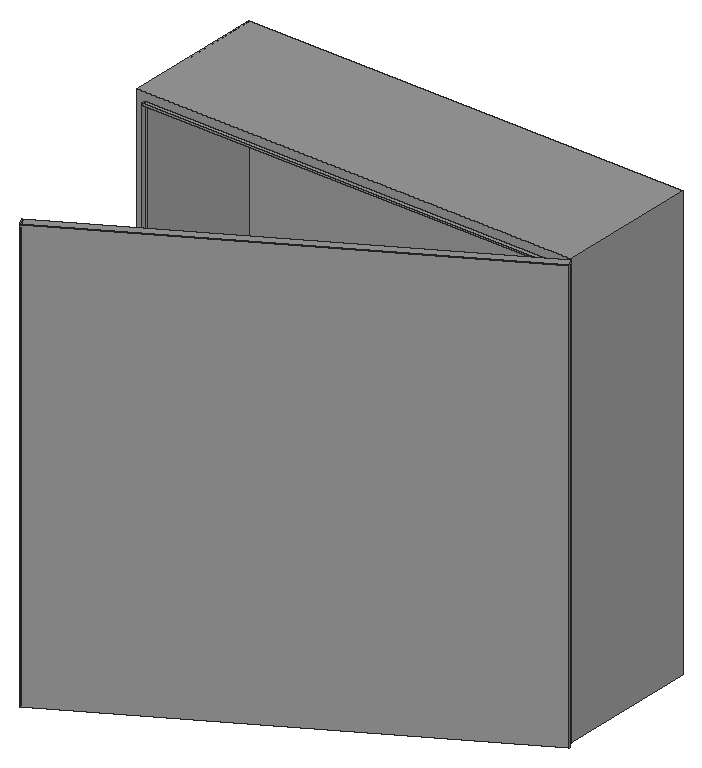
Revit family "Hager-Univers-IP55-D275-H800-Cl.II-Steel_encl-NoHosted-FR-fr", category Electrical Equipment, Revit 2020
Family settings
  Panel Configuration = Two Columns, Circuits Across
  Round Connector Dimension = Use Diameter
  Part Type = Panelboard
  Work Plane-Based = Yes
  Always vertical = Yes
  Cut with Voids When Loaded = No
  Shared = No
  Room Calculation Point = No
Parameters (values of type "saillie IP55 L800 H800 P275  - FR53S")
  Width Control [instance] = if([EF000008 - largeur] > Min Width, [EF000008 - largeur], Min Width)  # 800 mm
  Type Comments = [HG000003 - Gamme]  # "Univers"
  Thickness Door [instance] = if([EF009171 - épaisseur de matériau de la porte/du couvercle] > 3 mm, 3 mm, [EF009171 - épaisseur de matériau de la porte/du couvercle])  # 1.5 mm
  Seal Frame Offset [instance] = 17 mm  # constant formula
  Plinth Visibility [instance] = [HG000027 - Hauteur du socle] > 0 mm  # no
  Min Width [instance] = 100 mm  # constant formula
  Min Depth [instance] = (2 * [EF009170 - épaisseur de matériau du boîtier]) + 1 mm  # 4 mm
  Min Height [instance] = 100 mm  # constant formula
  Internal Frame Depth [instance] = (Door System Depth * 0.5)  # 9 mm
  Panel Name [instance] = ""  # (empty or 0)
  Model = ""
  HG000027 - Hauteur du socle = 0 mm
  HG000026 - Installation au sol = no
  HG000024 - Hauteur de la section basse = 600 mm
  HG000023 - Armoire double section = no
  HG000016 - Visibilité de la porte 3D [instance] = yes
  HG000015 - Visibilité de l'emprise de la porte [instance] = no
  HG000014 - Porte à droite [instance] = yes
  HG000013 - Porte à gauche [instance] = not([HG000014 - Porte à droite])  # no
  HG000012 - Angle de pivotement de la porte [instance] = 30.00°
  HG000010 - Portes asymétriques = no
  HG000009 - Porte à double battant = no
  HG000006 - Encastré = no
  HG000004 - Référence fabricant = "FR53S"
  HG000003 - Gamme = "Univers"
  HG000002 - avec porte = yes
  Frame Offset Bottom [instance] = 10 mm  # constant formula
  Frame Offset [instance] = 15 mm  # constant formula
  EF015940 - couvercle avec décharge de pression = no
  EF011959 - degré de protection (NEMA) = ""
  EF009554 - nombre d'ouvertures pour plaques à bride = 6
  EF009212 - finition du couvercle = "EV000116 - fermé"
  EF009171 - épaisseur de matériau de la porte/du couvercle = 1.5 mm
  EF009170 - épaisseur de matériau du boîtier = 1.5 mm
  EF008873 - courant nominal (In) = 800 A
  EF007800 - adapté à un parafoudre = no
  EF006306 - avec serrure = no
  EF006244 - couvercle/porte transparent(e) = no
  EF005474 - indice de protection (IP) = "EV006420 - IP55"
  EF004464 - type de porte = "EV002646 - unique"
  EF004427 - nombre de modules = 180
  EF004293 - indice de protection contre les chocs (IK) = "EV008784 - IK10"
  EF003532 - convient pour utilisation à l’extérieur = no
  EF002950 - largeur en nombre de modules = 24
  EF001613 - maintien de fonction = "EV000494 - sans"
  EF001596 - matériau du boîtier/corps = "EV000179 - acier"
  EF001131 - profondeur intérieure = 275 mm
  EF001088 - possibilité de montage en saillie = yes
  EF000437 - nombre d'entrées de conduit = 6
  EF000339 - type de capot = "EV004216 - porte"
  EF000266 - nombre de rangées = 5
  EF000218 - profondeur d'encastrement = 0 mm
  EF000118 - avec cadre/support de montage = no
  EF000116 - numéro RAL = "7035"
  EF000049 - profondeur = 275 mm
  EF000040 - hauteur = 800 mm
  EF000008 - largeur = 800 mm
  EF000007 - couleur = "EV000270 - gris"
  EF000003 - mode de pose = "EV000384 - saillie"
  Door System Leaf Tolerance [instance] = 1.5 mm  # constant formula
  Door System Depth [instance] = 18 mm  # constant formula
  Door Height [instance] = Height Control - [HG000027 - Hauteur du socle]  # 800 mm
  Description = ""
  Default Elevation = 1219.2 mm
  Connector Offset [instance] = Height Control / 2  # 400 mm
  Manufacturer = "Hager"  # constant formula
  Height Control [instance] = if([EF000040 - hauteur] > Min Height, [EF000040 - hauteur], Min Height)  # 800 mm
  Depth Control [instance] = if([EF000049 - profondeur] > Min Depth, [EF000049 - profondeur], Min Depth)  # 275 mm
  Bottom Top Plate Trim [instance] = 1.5 mm  # constant formula
  Plinth height Ctrl [instance] = if([HG000027 - Hauteur du socle] > 0 mm, [HG000027 - Hauteur du socle], 12 mm)  # 12 mm
Types (2, lengths in mm): name | Width Control | HG000004 - Référence fabricant | EF009554 - nombre d'ouvertures pour plaques à bride | EF004427 - nombre de modules | EF000437 - nombre d'entrées de conduit | EF000008 - largeur
  saillie IP55 L550 H800 P275  - FR52S | 550 | "FR52S" | 4 | 120 | 4 | 550
  saillie IP55 L800 H800 P275  - FR53S | 800 | "FR53S" | 6 | 180 | 6 | 800
Reference planes
  plane 1 "Center (Front/Back)": y = 0
  plane 2: z = 0
  plane 3 "Center (Left/Right)": x = 0
  plane 4: y = 0
  plane 5: y = 0
  plane 6: z = 0
  plane 7: x = -400
  plane 8: x = 400
  plane 9: x = 398.5
  plane 10: x = -398.5
  plane 11: z = 0
  plane 12: z = 1.5
  plane 13: y = -275
  plane 14: y = -1.5
  plane 15: x = 0
  plane 16: y = -257
  plane 17: y = -273.5
  plane 18: y = -255.5
  plane 19: x = -383.5
  plane 20: x = 383.5
  plane 21: z = 11.5
  plane 22: x = -383
  plane 23: x = 383
  plane 24: z = 0
  plane 25: z = 800
  plane 26: z = 800
  plane 27: z = 783.5
  plane 28: z = 798.5
Forms (mm)
  Extrusion 1, solid, material "Hager_Steel_RAL7035_Light_Grey", detail levels medium+fine
    sketch origin (-208.679, -4572, 0) x (-1, 0, 0) y (0, -1, 0)
      loop
        line (191.321, -4315) -> (-608.679, -4315) -> (-608.679, -4572) -> (191.321, -4572) -> (191.321, -4315)
    from 0 to 800
  Extrusion 2, void
    sketch origin (-350.771, -275, 1219.2) x (1, 0, 0) y (0, 0, 1)
      loop
        line (-47.729, -420.7) -> (-47.729, -1217.7) -> (749.271, -1217.7) -> (749.271, -420.7) -> (-47.729, -420.7)
    from -19.5 to -273.5
  Extrusion 3, void
    sketch origin (-290.084, -257, 1219.2) x (1, 0, 0) y (0, 0, 1)
      loop
        line (-93.416, -1207.7) -> (673.584, -1207.7) -> (673.584, -435.7) -> (-93.416, -435.7) -> (-93.416, -1207.7)
    from 0 to -1.5
  Extrusion 4, solid, material "Hager_Steel_RAL7035_Light_Grey", visible <- "Plinth Visibility", detail levels medium+fine
    sketch origin (0, 0, 0) x (1, 0, 0) y (0, 1, 0)
      loop
        line (-400, 0) -> (-400, -257) -> (400, -257) -> (400, 0) -> (-400, 0)
    from 0 to 12 <- "Plinth height Ctrl"
  Extrusion 5, solid, material "Hager_Steel_RAL7035_Light_Grey", detail levels coarse
    sketch origin (0, 0, 0) x (1, 0, 0) y (0, 1, 0)
      loop
        line (-400, 0) -> (-400, -275) -> (400, -275) -> (400, 0) -> (-400, 0)
    from 0 to 800 <- "Height Control"
  Sweep 6, void
    path in 3D
      loop
        line (-400, -257, 12) -> (400, -257, 12) -> (400, 0, 12) -> (-400, 0, 12) -> (-400, -257, 12)
    profile origin (-400, -128.5, 12) x (1, 0, 0) y (0, 0, 1)
      loop
        line (0, 0) -> (0, -1.5) -> (1.5, -1.5)
        arc (1.5, -1.5) -> (1.061, -0.439) -> (0, 0) r 1.5
  Extrusion 7, solid, material "Hager_Steel_RAL7035_Light_Grey", detail levels fine
    sketch origin (-400, -257, 0) x (1, 0, 0) y (0, 0, 1)
      loop
        line (16.5, 11.5) -> (783.5, 11.5) -> (783.5, 783.5) -> (16.5, 783.5) -> (16.5, 11.5)
      loop
        line (15, 10) -> (785, 10) -> (785, 785) -> (15, 785) -> (15, 10)
    from 0 to 9 <- "Internal Frame Depth"
Cuts and joins
  Extrusion 2, Extrusion 3 cuts Extrusion 1
  Sweep 6 cuts Extrusion 4
Lines and regions (mm)
  Masking region 1
    outline origin (0, 0, 0) x (1, 0, 0) y (0, 1, 0)
      loop
        line (-400, 0) -> (-400, -275) -> (400, -275) -> (400, 0) -> (-400, 0)
  Masking region 2, detail levels coarse
    outline origin (-290.084, -257, 1219.2) x (-1, 0, 0) y (0, 0, 1)
      loop
        line (-690.084, -1219.2) -> (109.916, -1219.2) -> (109.916, -419.2) -> (-690.084, -419.2) -> (-690.084, -1219.2)
  Masking region 3, detail levels coarse
    outline origin (0, 0, 0) x (0, 1, 0) y (0, 0, 1)
      loop
        line (0, 0) -> (0, 800) -> (-275, 800) -> (-275, 0) -> (0, 0)
  Masking region 4, visible <- "Plinth Visibility", detail levels medium+fine
    outline origin (0, 0, 0) x (0, 1, 0) y (0, 0, 1)
      loop
        line (-1.5, 12) -> (-255.5, 12)
        arc (-255.5, 12) -> (-255.939, 10.939) -> (-257, 10.5) r 1.5
        line (-257, 10.5) -> (-257, 0) -> (0, 0) -> (0, 10.5)
        arc (0, 10.5) -> (-1.061, 10.939) -> (-1.5, 12) r 1.5
  Masking region 5, detail levels medium+fine
    outline origin (0, 0, 594.038) x (0, 1, 0) y (0, 0, 1)
      loop
        line (0, -594.038) -> (0, 205.962) -> (-257, 205.962) -> (-257, -594.038) -> (0, -594.038)
  Masking region 6, detail levels medium+fine
    outline origin (-359.7, -257, 1211.883) x (-1, 0, 0) y (0, 0, 1)
      loop
        line (-759.7, -1211.883) -> (40.3, -1211.883) -> (40.3, -411.883) -> (-759.7, -411.883) -> (-759.7, -1211.883)
  Masking region 7, visible <- "Plinth Visibility", detail levels medium+fine
    outline origin (-320.334, -257, 1041.368) x (-1, 0, 0) y (0, 0, 1)
      loop
        line (-720.334, -1041.368) -> (79.666, -1041.368) -> (79.666, -1030.868)
        arc (79.666, -1030.868) -> (78.606, -1030.429) -> (78.166, -1029.368) r 1.5
        line (78.166, -1029.368) -> (-718.834, -1029.368)
        arc (-718.834, -1029.368) -> (-719.273, -1030.429) -> (-720.334, -1030.868) r 1.5
        line (-720.334, -1030.868) -> (-720.334, -1041.368)
  sketch lines
    curve 1: line (-400, 0, 12) -> (-400, -257, 12)
    curve 2: line (-400, -257, 12) -> (400, -257, 12)
    curve 3: line (400, 0, 12) -> (-400, 0, 12)
    curve 4: line (400, -257, 12) -> (400, 0, 12)
Dimensions and locks
  locked: plane 1 "Center (Front/Back)" to plane 5
  "EF009170 - épaisseur de matériau du boîtier": plane 7 to plane 10
  "EF009170 - épaisseur de matériau du boîtier": plane 8 to plane 9
  equal spacing: plane 7, plane 3 "Center (Left/Right)", plane 8
  "Width Control": plane 7 to plane 8
  "Depth Control": plane 4 to plane 13
  "EF009170 - épaisseur de matériau du boîtier": plane 4 to plane 14
  "Height Control": plane 25 to level
  "HG000027 - Hauteur du socle": plane 11 to level
  "EF009170 - épaisseur de matériau du boîtier": plane 12 to plane 11
  "EF009170 - épaisseur de matériau du boîtier": plane 17 to plane 13
  "EF009170 - épaisseur de matériau du boîtier": plane 18 to plane 16
  "Frame Offset Bottom": plane 21 to plane 12
  "Frame Offset": plane 10 to plane 19
  "Frame Offset": plane 9 to plane 20
  "Door System Depth": plane 16 to plane 13
  "Seal Frame Offset": plane 7 to plane 22
  "Seal Frame Offset": plane 8 to plane 23
  "EF009170 - épaisseur de matériau du boîtier": plane 26 to plane 28
  "Frame Offset": plane 28 to plane 27
  "Connector Offset": plane 2 to connector elem
  "Bottom Top Plate Trim": profile plane to Sweep 6 sketch curve
  "Bottom Top Plate Trim": Sweep 6 sketch curve to Sweep 6 sketch curve
  "Plinth height Ctrl": Masking region 4 sketch curve to level
  "Plinth height Ctrl": Masking region 7 sketch curve to level
  "Thickness Door": Extrusion 7 sketch curve to Extrusion 7 sketch curve  (x4)
  "Bottom Top Plate Trim": radius of Sweep 6 sketch curve
  "Bottom Top Plate Trim": radius of Masking region 4 sketch curve  (x2)
  "Bottom Top Plate Trim": radius of Masking region 7 sketch curve  (x2)
  aligned and locked: Extrusion 2 sketch curve to plane 12
  aligned and locked: Extrusion 2 sketch curve to plane 9
  aligned and locked: Extrusion 2 sketch curve to plane 10
  aligned and locked: Extrusion 2 to plane 14
  aligned and locked: Extrusion 1 sketch curve to plane 4
  aligned and locked: plane 8 to Extrusion 1 sketch curve
  aligned and locked: plane 7 to Extrusion 1 sketch curve
  aligned and locked: Extrusion 2 to plane 18
  aligned and locked: Extrusion 3 sketch curve to plane 19
  aligned and locked: plane 20 to Extrusion 3 sketch curve
  aligned and locked: Extrusion 3 to Extrusion 2
  aligned and locked: Extrusion 3 sketch curve to plane 21
  aligned and locked: plane 3 "Center (Left/Right)" to nested 1
  aligned and locked: Extrusion 1 sketch curve to plane 16
  aligned and locked: Extrusion 4 sketch curve to cut or joined group of Extrusion 1, Extrusion 2, Extrusion 3
  aligned and locked: Masking region 1 sketch curve to plane 7
  aligned and locked: Masking region 1 sketch curve to plane 5
  aligned and locked: Masking region 1 sketch curve to plane 8
  aligned and locked: Masking region 2 sketch curve to level
  aligned and locked: level to Masking region 3 sketch curve
  aligned and locked: plane 1 "Center (Front/Back)" to Masking region 3 sketch curve
  aligned and locked: plane 13 to Masking region 3 sketch curve
  aligned and locked: plane 5 to Masking region 4 sketch curve
  aligned and locked: Masking region 2 sketch curve to plane 8
  aligned and locked: Masking region 2 sketch curve to plane 7
  aligned and locked: plane 7 to nested 2
  aligned and locked: nested 2 to plane 5
  aligned and locked: plane 5 to Masking region 5 sketch curve
  aligned and locked: plane 26 to Masking region 5 sketch curve
  aligned and locked: Extrusion 5 sketch curve to plane 8
  aligned and locked: Extrusion 5 sketch curve to plane 7
  aligned and locked: Extrusion 5 sketch curve to plane 5
  aligned and locked: Extrusion 3 sketch curve to plane 27
  aligned and locked: Extrusion 2 sketch curve to plane 28
  aligned and locked: Masking region 2 to plane 25
  aligned and locked: Extrusion 4 to plane 16
  aligned and locked: profile plane to Sweep 6 sketch curve
  aligned and locked: Masking region 5 sketch curve to plane 24
  aligned and locked: level to Masking region 4 sketch curve
  aligned and locked: Masking region 1 to plane 13
  aligned and locked: nested 1 to plane 16
  aligned and locked: Masking region 3 to plane 25
  aligned and locked: plane 16 to Masking region 4 sketch curve
  aligned and locked: Masking region 5 sketch curve to plane 16
  aligned and locked: plane 24 to plane 11
  aligned and locked: plane 26 to plane 25
  aligned and locked: plane 26 to cut or joined group of Extrusion 1, Extrusion 2, Extrusion 3
  aligned and locked: nested 1 to plane 24
  aligned and locked: Extrusion 1 to Extrusion 3
  aligned and locked: Masking region 6 sketch curve to plane 8
  aligned and locked: Masking region 6 sketch curve to plane 24
  aligned and locked: Masking region 6 sketch curve to plane 7
  aligned and locked: Masking region 6 sketch curve to plane 26
  aligned and locked: Masking region 7 sketch curve to plane 7
  aligned and locked: level to Masking region 7 sketch curve
  aligned and locked: Masking region 7 sketch curve to plane 8
  aligned and locked: Extrusion 7 sketch curve to cut or joined group of Extrusion 1, Extrusion 2, Extrusion 3  (x4)
Automatic sketch dimensions
  plane 19 to Extrusion 3 sketch curve = 0 mm
  Extrusion 3 sketch curve to plane 20 = 0 mm
  Extrusion 3 sketch curve to plane 21 = 0 mm
  Extrusion 4 sketch curve to plane 7 = 0 mm
  Extrusion 4 sketch curve to plane 8 = 0 mm
  Extrusion 4 sketch curve to plane 16 = 0 mm
  Masking region 1 sketch curve to plane 13 = 0 mm
  Masking region 2 sketch curve to plane 25 = 0 mm
  Masking region 3 sketch curve to plane 25 = 0 mm
  Extrusion 5 sketch curve to plane 13 = 0 mm
  profile plane to Sweep 6 sketch curve = 0 mm
Nested families
  nested 1: "EC000058_Univers_Door" at (0, -257, 0), Double <- "HG000009 - Porte à double battant", Transparent <- "EF006244 - couvercle/porte transparent(e)", Angle <- "HG000012 - Angle de pivotement de la porte", Door_Right <- "HG000014 - Porte à droite", Assymetrical <- "HG000010 - Portes asymétriques", Door <- "HG000002 - avec porte", Width_Ctrl <- "Width Control", 3d_Door <- "HG000016 - Visibilité de la porte 3D", Clearance <- "HG000015 - Visibilité de l'emprise de la porte", Door_Left <- "HG000013 - Porte à gauche", Width <- "Width Control", Door_Depth <- "Door System Depth", Leaf_Tolerance <- "Door System Leaf Tolerance", Height <- "Door Height", Lock_Visibility <- "EF006306 - avec serrure", Thickness <- "Thickness Door", type "EC000058_Univers_Door", detail levels medium+fine
    with min_wh 4 mm, Width_Ctrl 800 mm, Width 800 mm, Transparent no, Thickness 1.5 mm, Seal_Material Hager_Rubber, Lock_Visibility no, Lock_Material Hager_Plastic_RAL9005_Jet_Black, Leaf_Width 800 mm, Leaf_Tolerance_External_Sides 0 mm, Leaf_Tolerance 1.5 mm, Leaf_Offset 0 mm, Leaf_Height 797 mm, Leaf_2_Width 800 mm, Leaf_2_Offset 400 mm, Leaf_1_Width 800 mm, Leaf_1_Offset 400 mm, Height_Ctrl 800 mm, Height 800 mm, Glass_Material Hager_Glass, Double_Clearance_Ctrl no, Double no, Door_Right_Ctrl yes, Door_Right yes, Door_Material Hager_Steel_RAL7035_Light_Grey, Door_Left_Ctrl no, Door_Left no, Door_Depth 18 mm, Door yes, Clearance_Material Hager_Clearance, Clearance_Depth 800 mm, Clearance_Ctrl no, Clearance no, Assymetrical no, Angle 30.00°, 3d_Door yes
  nested 2: "Hager_Enclosure_Symbol" at (-400, 0, 0), Height <- "Depth Control", Width <- "Width Control", type "Hager_Enclosure_Symbol"
    with Width_Ctrl 800 mm, Width 800 mm, Height_Ctrl 275 mm, Height 275 mm, A_Width_Int 18.047 mm, A_Width 216.562 mm, A_Height_Ctrl 240.625 mm, A_Height 240.625 mm
Connectors
  electrical at (0, 0, 400)
    settings: on plane 1 "Center (Front/Back)", index 1, voltage 0 V, apparent load 0 VA, apparent load phase1 0 VA, apparent load phase2 0 VA, apparent load phase3 0 VA, power factor 1, load classification "Other", number of poles 1, system type 30, power factor state 1, is connector primary yes, connector utility no, sub classification motor no, connector description ""
Definition of nested family "EC000058_Univers_Door"
  Parameters (values of type "EC000058_Univers_Door")
    min_wh [instance] = (2 * Thickness) + 1 mm  # 11 mm
    Width_Ctrl [instance] = 400 mm
    Width [instance] = 500 mm
    Transparent [instance] = yes
    Thickness [instance] = 5 mm
    Seal_Material [instance] = none
    Lock_Visibility [instance] = yes
    Lock_Material [instance] = none
    Leaf_Width [instance] = if((Width_Ctrl - 2 * Leaf_Tolerance_External_Sides) > 0 mm, (Width_Ctrl - 2 * Leaf_Tolerance_External_Sides), min_wh)  # 400 mm
    Leaf_Tolerance_External_Sides [instance] = 0 mm  # constant formula
    Leaf_Tolerance [instance] = 1.5 mm
    Leaf_Offset [instance] = 0 mm  # constant formula
    Leaf_Height [instance] = if((Height_Ctrl - 2 * Leaf_Tolerance) > 0 mm, (Height_Ctrl - 2 * Leaf_Tolerance), min_wh)  # 497 mm
    Leaf_2_Width [instance] = if(and(and(Double, Assymetrical), Door_Left), (Leaf_Width / 3) - (Leaf_Tolerance / 2), if(and(and(Double, Assymetrical), Door_Right), (Leaf_Width / 3) * 2 - (Leaf_Tolerance / 2), if(and(Double, not(Assymetrical)), (Leaf_Width / 2) - Leaf_Tolerance, Leaf_Width)))  # 400 mm
    Leaf_2_Offset [instance] = if(and(Double, Assymetrical), Leaf_2_Width / 2, if(and(Double, not(Assymetrical)), Leaf_Width / 4, Leaf_Width / 2))  # 200 mm
    Leaf_1_Width [instance] = if(and(and(Double, Assymetrical), Door_Right), (Leaf_Width / 3) - (Leaf_Tolerance / 2), if(and(and(Double, Assymetrical), Door_Left), (Width / 3) * 2 - (Leaf_Tolerance / 2), if(and(Double, not(Assymetrical)), (Leaf_Width / 2) - Leaf_Tolerance, Leaf_Width)))  # 400 mm
    Leaf_1_Offset [instance] = if(and(Double, Assymetrical), Leaf_1_Width / 2, if(and(Double, not(Assymetrical)), Leaf_Width / 4, Leaf_Width / 2))  # 200 mm
    Height_Ctrl [instance] = if(Height > min_wh, Height, min_wh)  # 500 mm
    Height [instance] = 500 mm
    Glass_Material [instance] = none
    Double_Clearance_Ctrl [instance] = and(Double, Clearance)  # no
    Double [instance] = no
    Door_Right_Ctrl [instance] = and(or(Door_Right, Double), Door)  # yes
    Door_Right [instance] = yes
    Door_Material [instance] = none
    Door_Left_Ctrl [instance] = and(or(Door_Left, Double), Door)  # no
    Door_Left [instance] = no
    Door_Depth [instance] = 30 mm
    Door [instance] = yes
    Default Elevation = 1219.2 mm
    Clearance_Material [instance] = none
    Clearance_Depth [instance] = if(Leaf_1_Width > Leaf_2_Width, Leaf_1_Width, Leaf_2_Width)  # 400 mm
    Clearance_Ctrl [instance] = and(not(Double), Clearance)  # yes
    Clearance [instance] = yes
    Assymetrical [instance] = yes
    Angle [instance] = 30.00°
    3d_Door [instance] = yes
  Reference planes
    plane 1 "Center (Front/Back)": y = 0
    plane 2 "Bottom": z = 0
    plane 3 "Center (Left/Right)": x = 0
    plane 4: z = 500
    plane 5: x = -200
    plane 6: x = 200
    plane 7: z = 500
    plane 8: x = -200
    plane 9: z = 0
    plane 10: x = 200
    plane 11: y = 0
    plane 12: z = 1.5
    plane 13: x = -600
    plane 14: y = -400
    plane 15: x = 600
    plane 16: x = 0
    plane 17: x = 0
    plane 18: x = -200
    plane 19: x = 200
    plane 20: z = 498.5
  Forms (mm)
    Extrusion 1, solid, material <- "Clearance_Material", visible <- "Double_Clearance_Ctrl"
      sketch origin (1200, 0, 0) x (1, 0, 0) y (0, 0, -1)
        loop
          line (-1800, -498.5) -> (-600, -498.5) -> (-600, 0) -> (-1800, 0) -> (-1800, -498.5)
      from 0 to -400
  Dimensions and locks
    equal spacing: plane 5, plane 3 "Center (Left/Right)", plane 6
    "Width_Ctrl": plane 5 to plane 6
    "Leaf_Offset": plane 5 to plane 8
    "Leaf_Offset": plane 6 to plane 10
    "Leaf_Offset": plane 9 to level
    "Leaf_Offset": plane 4 to plane 7
    "Height_Ctrl": plane 4 to level
    "Leaf_Tolerance": plane 12 to plane 9
    locked: plane 11 to plane 1 "Center (Front/Back)"
    "Leaf_1_Offset": plane 18 to plane 16
    "Leaf_2_Offset": plane 17 to plane 19
    "Leaf_1_Width": plane 13 to plane 8
    "Leaf_2_Width": plane 10 to plane 15
    "Clearance_Depth": plane 14 to plane 1 "Center (Front/Back)"
    "Leaf_Tolerance_External_Sides": plane 8 to plane 18
    "Leaf_Tolerance_External_Sides": plane 19 to plane 10
    "Leaf_Tolerance": plane 7 to plane 20
    aligned and locked: level to plane 2 "Bottom"
    aligned and locked: nested 1 to plane 16
    aligned and locked: nested 2 to plane 17
    aligned and locked: Extrusion 1 to plane 13
    aligned and locked: plane 15 to Extrusion 1
    aligned and locked: Extrusion 1 to plane 14
    aligned and locked: plane 12 to nested 1
    aligned and locked: nested 2 to plane 12
    aligned and locked: Extrusion 1 to plane 11
    aligned and locked: plane 20 to Extrusion 1
    aligned and locked: nested 2 to plane 11
    aligned and locked: nested 1 to plane 11
  Automatic sketch dimensions
    Extrusion 1 sketch curve to level = 0 mm
    plane 5 to Extrusion 1 sketch curve = 400 mm
    plane 6 to Extrusion 1 sketch curve = 400 mm
    Extrusion 1 sketch curve to plane 4 = 1.5 mm
  Nested families
    nested 1: "EC000058_Univers_Door_Leaf" at (0, 0, 1.5), Width <- "Leaf_1_Width", visible <- "Door_Left_Ctrl", Leaf_Height <- "Leaf_Height", Angle <- "Angle", 3d_Door <- "3d_Door", Transparent <- "Transparent", Clearance Material <- "Clearance_Material", Clearance <- "Clearance_Ctrl", Door_Material <- "Door_Material", Glass_Material <- "Glass_Material", Door_Depth <- "Door_Depth", Lock_Material <- "Lock_Material", Seal_Material <- "Seal_Material", Lock_Visibility <- "Lock_Visibility", Thickness <- "Thickness", type "EC000058_Univers_Door_Leaf"
      with Width 400 mm, Transparent_Glass_Offset 30 mm, Transparent_Ctrl yes, Transparent yes, Thickness 5 mm, Standard no, Seal_Material none, Seal_D2 8 mm, Seal_D1 1 mm, Offset_Internal_Frame 10 mm, Lock_Width 20 mm, Lock_Visibility_3d yes, Lock_Visibility yes, Lock_Thickness_3 3 mm, Lock_Thickness_2 1 mm, Lock_Thickness_1 3 mm, Lock_Radius_Offset_2 16 mm, Lock_Radius_Offset_1 15 mm, Lock_Radius_2 5 mm, Lock_Radius 6 mm, Lock_Offset 5 mm, Lock_Material none, Lock_Height 80 mm, Lock_Cover_Top_Offset_2d 17 mm, Lock_Cover_Height -65 mm, Leaf_Height 497 mm, Internal_Seal_Thickness 8 mm, Internal_Seal_Depth_2 4.5 mm, Internal_Frame_Depth 25 mm, Glass_Thickness -1 mm, Glass_Offset -2 mm, Glass_Material none, Door_Material none, Door_Depth 30 mm, Clearance Material none, Clearance yes, Angle_Ctrl 30.00°, Angle 30.00°, 3d_Door yes
    nested 2: "EC000058_Univers_Door_Leaf" at (0, 0, 1.5) x (-1, 0, 0) z (0, 0, 1), Width <- "Leaf_2_Width", visible <- "Door_Right_Ctrl", Leaf_Height <- "Leaf_Height", Angle <- "Angle", 3d_Door <- "3d_Door", Transparent <- "Transparent", Clearance Material <- "Clearance_Material", Clearance <- "Clearance_Ctrl", Door_Material <- "Door_Material", Glass_Material <- "Glass_Material", Door_Depth <- "Door_Depth", Lock_Material <- "Lock_Material", Seal_Material <- "Seal_Material", Lock_Visibility <- "Lock_Visibility", Thickness <- "Thickness", type "EC000058_Univers_Door_Leaf"
      with Width 400 mm, Transparent_Glass_Offset 30 mm, Transparent_Ctrl yes, Transparent yes, Thickness 5 mm, Standard no, Seal_Material none, Seal_D2 8 mm, Seal_D1 1 mm, Offset_Internal_Frame 10 mm, Lock_Width 20 mm, Lock_Visibility_3d yes, Lock_Visibility yes, Lock_Thickness_3 3 mm, Lock_Thickness_2 1 mm, Lock_Thickness_1 3 mm, Lock_Radius_Offset_2 16 mm, Lock_Radius_Offset_1 15 mm, Lock_Radius_2 5 mm, Lock_Radius 6 mm, Lock_Offset 5 mm, Lock_Material none, Lock_Height 80 mm, Lock_Cover_Top_Offset_2d 17 mm, Lock_Cover_Height -65 mm, Leaf_Height 497 mm, Internal_Seal_Thickness 8 mm, Internal_Seal_Depth_2 4.5 mm, Internal_Frame_Depth 25 mm, Glass_Thickness -1 mm, Glass_Offset -2 mm, Glass_Material none, Door_Material none, Door_Depth 30 mm, Clearance Material none, Clearance yes, Angle_Ctrl 30.00°, Angle 30.00°, 3d_Door yes
  Definition of nested family "EC000058_Univers_Door_Leaf"
    Parameters (values of type "EC000058_Univers_Door_Leaf")
      Width [instance] = 2000 mm
      Transparent_Glass_Offset [instance] = 30 mm
      Transparent_Ctrl [instance] = and(Transparent, [3d_Door])  # yes
      Transparent [instance] = yes
      Thickness [instance] = 5 mm
      Standard [instance] = and(not(Transparent), [3d_Door])  # no
      Seal_Material [instance] = none
      Seal_D2 [instance] = 8 mm  # constant formula
      Seal_D1 [instance] = 1 mm  # constant formula
      Offset_Internal_Frame [instance] = 10 mm  # constant formula
      Lock_Width [instance] = 20 mm  # constant formula
      Lock_Visibility_3d [instance] = and(Lock_Visibility, [3d_Door])  # yes
      Lock_Visibility [instance] = yes
      Lock_Thickness_3 [instance] = 3 mm  # constant formula
      Lock_Thickness_2 [instance] = 1 mm  # constant formula
      Lock_Thickness_1 [instance] = 3 mm  # constant formula
      Lock_Radius_Offset_2 [instance] = Lock_Radius_Offset_1 + 1 mm  # 16 mm
      Lock_Radius_Offset_1 [instance] = 15 mm  # constant formula
      Lock_Radius_2 [instance] = Lock_Radius - 1 mm  # 5 mm
      Lock_Radius [instance] = 6 mm  # constant formula
      Lock_Offset [instance] = 5 mm  # constant formula
      Lock_Material [instance] = none
      Lock_Height [instance] = 80 mm  # constant formula
      Lock_Cover_Top_Offset_2d [instance] = Lock_Radius_Offset_2 + 1 mm  # 17 mm
      Lock_Cover_Height [instance] = -(Lock_Height - Lock_Radius_Offset_1)  # -65 mm
      Leaf_Height [instance] = 2720.336 mm
      Internal_Seal_Thickness [instance] = 8 mm  # constant formula
      Internal_Seal_Depth_2 [instance] = 4.5 mm  # constant formula
      Internal_Frame_Depth [instance] = if(Door_Depth - Thickness > 5 mm, Door_Depth - Thickness, 5 mm)  # 25 mm
      Glass_Thickness [instance] = if(Thickness > 15 mm, Glass_Offset + 10 mm, -1 mm)  # -1 mm
      Glass_Offset [instance] = if(Thickness > 15 mm, -(Thickness + 10 mm) / 2, -2 mm)  # -2 mm
      Glass_Material [instance] = none
      Door_Material [instance] = none
      Door_Depth [instance] = 30 mm
      Default Elevation = 0 mm
      Clearance Material [instance] = none
      Clearance [instance] = yes
      Angle_Ctrl [instance] = if(Angle > 180.00°, 180.00°, Angle)  # 90.00°
      Angle [instance] = 90.00°
      3d_Door [instance] = yes
    Reference planes
      plane 1 "Center (Front/Back)": y = 0
      plane 2: z = 0
      plane 3 "Center (Left/Right)": x = 0
      plane 4: y = 2000
      plane 5: x = -1000
      plane 6: x = 1000
      plane 7: x = -3000
      plane 8: z = 2720.336
      plane 9: z = 30
      plane 10: z = 2690.336
      plane 11: x = 970
      plane 12: x = -970
      plane 13: y = -3
      plane 14: z = 107.833
      plane 15: y = -5
      plane 16: y = -223.314
      plane 17: x = -1000
      plane 18: z = 1360.168
      plane 19: y = 30
    Forms (mm)
      Extrusion 1, solid, material <- "Clearance Material", visible <- "Clearance"
        sketch origin (0, 0, 0) x (1, 0, 0) y (0, 0, 1)
          loop
            line (-3000, 2720.336) -> (-3000, 0) -> (1000, 0) -> (1000, 2720.336) -> (-3000, 2720.336)
        from 0 to -2000
      Extrusion 2, solid, material <- "Door_Material", visible <- "Standard", detail levels medium+fine
        sketch origin (-1000, 0, 0) x (0, 1, 0) y (-1, 0, 0)
          loop
            line (0, 30) -> (0, 25) -> (2000, 25) -> (2000, 30) -> (0, 30)
        from 0 to 2720.336 <- "Leaf_Height"
      Extrusion 3, solid, material <- "Door_Material", visible <- "Transparent_Ctrl", detail levels medium+fine
        sketch origin (-1000, 0, 0) x (0, 1, 0) y (-1, 0, 0)
          loop
            line (0, 25) -> (2000, 25) -> (2000, 30) -> (0, 30) -> (0, 25)
        from 0 to 2720.336 <- "Leaf_Height"
      Extrusion 4, void
        sketch origin (-1025, 2000, 0) x (0, 1, 0) y (0, 0, -1)
          loop
            line (-30, -2690.336) -> (-30, -30) -> (-1970, -30) -> (-1970, -2690.336) -> (-30, -2690.336)
        from 0 to 5 <- "Thickness"
      Sweep 5, solid, material <- "Seal_Material", visible <- "Transparent_Ctrl", detail levels fine
        path in 3D
          loop
            line (-1025, 30, 30) -> (-1025, 30, 2690.336) -> (-1025, 1970, 2690.336) -> (-1025, 1970, 30) -> (-1025, 30, 30)
        profile origin (-1025, 1000, 30) x (1, 0, 0) y (0, 0, 1)
          loop
            line (0, 0) -> (0, -8) -> (1, -8) -> (1, 0) -> (0, 0)
      Extrusion 6, solid, material <- "Glass_Material", visible <- "Transparent_Ctrl", detail levels medium+fine
        sketch origin (-1030, 0, 0) x (0, 1, 0) y (0, 0, -1)
          loop
            line (1970, -2690.336) -> (1970, -30) -> (30, -30) -> (30, -2690.336) -> (1970, -2690.336)
        from -2 <- "Glass_Offset" to -1 <- "Glass_Thickness"
      Extrusion 7, solid, material <- "Door_Material", visible <- "3d_Door", detail levels medium+fine
        sketch origin (-1025, 2000, 0) x (0, -1, 0) y (0, 0, -1)
          loop
            line (0, -2720.336) -> (2000, -2720.336) -> (2000, 0) -> (0, 0) -> (0, -2720.336)
          loop
            line (1995, -5) -> (5, -5) -> (5, -2715.336) -> (1995, -2715.336) -> (1995, -5)
        from 0 to 25 <- "Internal_Frame_Depth"
      Sweep 8, solid, material <- "Seal_Material", visible <- "Transparent_Ctrl", detail levels fine
        path in 3D
          loop
            line (-1025, 0, 0) -> (-1025, 2000, 0) -> (-1025, 2000, 2720.336) -> (-1025, 0, 2720.336) -> (-1025, 0, 0)
        profile origin (-1025, 0, 1360.168) x (1, 0, 0) y (0, 1, 0)
          loop
            line (0, 10) -> (2.975, 10)
            arc (2.975, 10) -> (4.053, 10.447) -> (4.5, 11.525) r 1.525
            line (4.5, 11.525) -> (4.5, 16.527)
            arc (4.5, 16.527) -> (4.069, 17.569) -> (3.027, 18) r 1.473
            line (3.027, 18) -> (0, 18) -> (0, 10)
      Extrusion 9, solid, material <- "Lock_Material", visible <- "Lock_Visibility_3d", detail levels fine
        sketch origin (-1030, 0, 0) x (0, 1, 0) y (0, 0, -1)
          loop
            arc (1993.5, -1400.168) -> (1994.561, -1399.729) -> (1995, -1398.668) r 1.5
            line (1995, -1398.668) -> (1995, -1320.168) -> (1975, -1320.168) -> (1975, -1398.668)
            arc (1975, -1398.668) -> (1975.439, -1399.729) -> (1976.5, -1400.168) r 1.5
            line (1976.5, -1400.168) -> (1993.5, -1400.168)
        from 3 <- "Lock_Thickness_1" to 0
      Blend 10, solid, material <- "Lock_Material", visible <- "Lock_Visibility_3d", detail levels fine
        base sketch origin (-1033, 0, 0) x (0, 1, 0) y (0, 0, -1)
          loop
            line (1975, -1320.168) -> (1975, -1398.668)
            arc (1975, -1398.668) -> (1975.439, -1399.729) -> (1976.5, -1400.168) r 1.5
            line (1976.5, -1400.168) -> (1993.5, -1400.168)
            arc (1993.5, -1400.168) -> (1994.561, -1399.729) -> (1995, -1398.668) r 1.5
            line (1995, -1398.668) -> (1995, -1320.168) -> (1975, -1320.168)
        top sketch origin (-1033, 0, 0) x (0, 1, 0) y (0, 0, -1)
          loop
            line (1976, -1320.168) -> (1976, -1398.668)
            arc (1976, -1398.668) -> (1976.146, -1399.022) -> (1976.5, -1399.168) r 0.5
            line (1976.5, -1399.168) -> (1993.5, -1399.168)
            arc (1993.5, -1399.168) -> (1993.854, -1399.022) -> (1994, -1398.668) r 0.5
            line (1994, -1398.668) -> (1994, -1320.168) -> (1976, -1320.168)
        from 0 to 1 <- "Lock_Thickness_2"
      Blend 11, solid, material <- "Lock_Material", visible <- "Lock_Visibility_3d", detail levels fine
        base sketch origin (-1034, 0, 0) x (0, 1, 0) y (0, 0, -1)
          loop
            line (1978, -1320.168) -> (1978, -1384.168)
            arc (1978, -1384.168) -> (1985, -1391.168) -> (1992, -1384.168) r 7
            line (1992, -1384.168) -> (1992, -1320.168) -> (1978, -1320.168)
        top sketch origin (-1034, 0, 0) x (0, 1, 0) y (0, 0, -1)
          loop
            line (1991, -1320.168) -> (1979, -1320.168) -> (1979, -1383.168)
            arc (1979, -1383.168) -> (1985, -1389.168) -> (1991, -1383.168) r 6
            line (1991, -1383.168) -> (1991, -1320.168)
        from 0 to 3 <- "Lock_Thickness_3"
      Extrusion 12, solid, material <- "Lock_Material", visible <- "Lock_Visibility_3d", detail levels fine
        sketch origin (-1030, 1975, 1320.168) x (1, 0, 0) y (0, -1, 0)
          loop
            line (-7, -19) -> (-7, -1) -> (0, -1) -> (0, 0) -> (-8, 0) -> (-8, -20) -> (0, -20) -> (0, -19) -> (-7, -19)
        from 0 to -65 <- "Lock_Cover_Height"
      Extrusion 13, void
        sketch origin (-1038, 1995, 1320.168) x (-1, 0, 0) y (0, 0, -1)
          loop
            line (-5, -65) -> (0, -65) -> (-5, -60) -> (-5, -65)
        from 0 to 20 <- "Lock_Width"
      Extrusion 14, void
        sketch origin (-1038, 1975, 1320.168) x (0, -1, 0) y (0, 0, -1)
          loop
            circle (-10, -15.995) r 6
          loop
            circle (-10, -15.995) r 5
        from 0 to 2
      Extrusion 15, solid, material <- "Lock_Material", visible <- "Lock_Visibility_3d", detail levels medium
        sketch origin (-1030, 0, 0) x (0, 1, 0) y (0, 0, -1)
          loop
            arc (1993.5, -1400.168) -> (1994.561, -1399.729) -> (1995, -1398.668) r 1.5
            line (1995, -1398.668) -> (1995, -1320.168) -> (1975, -1320.168) -> (1975, -1398.668)
            arc (1975, -1398.668) -> (1975.439, -1399.729) -> (1976.5, -1400.168) r 1.5
            line (1976.5, -1400.168) -> (1993.5, -1400.168)
        from 8 to 0
    Cuts and joins
      Extrusion 4 cuts Extrusion 3
      Extrusion 13, Extrusion 14 cuts Extrusion 9
      Extrusion 14 cuts Blend 11
      Extrusion 13, Extrusion 14 cuts Extrusion 12
      joined: Extrusion 9, Blend 10, Blend 11, Extrusion 12
      Extrusion 14 cuts Extrusion 15
    Lines and regions (mm)
      Masking region 1, visible <- "Lock_Visibility", detail levels fine
        outline origin (0, 0, 0) x (0, 1, 0) y (0, 0, 1)
          loop
            line (30, 1320.168) -> (33, 1320.168) -> (33, 1400.168) -> (30, 1400.168) -> (30, 1320.168)
      Masking region 2, visible <- "Lock_Visibility", detail levels fine
        outline origin (0, 3.143, 0) x (0, 1, 0) y (0, 0, 1)
          loop
            line (29.857, 1354.168) -> (30.857, 1354.168) -> (30.857, 1366.168) -> (29.857, 1366.168) -> (29.857, 1354.168)
      Masking region 3, detail levels medium+fine
        outline origin (0, 0, 0) x (0, 1, 0) y (0, 0, 1)
          loop
            line (0, 0) -> (30, 0) -> (30, 2720.336) -> (0, 2720.336) -> (0, 0)
      Masking region 4, detail levels medium+fine
        outline origin (0, 0, 0) x (1, 0, 0) y (0, 0, 1)
          loop
            line (-1000, 2720.336) -> (-1000, 0) -> (1000, 0) -> (1000, 2720.336) -> (-1000, 2720.336)
      Masking region 5, visible <- "Lock_Visibility", detail levels fine
        outline origin (-47.116, 0, 0) x (1, 0, 0) y (0, 0, 1)
          loop
            arc (1024.616, 1399.168) -> (1023.556, 1398.729) -> (1023.116, 1397.668) r 1.5
            line (1023.116, 1397.668) -> (1023.116, 1320.168) -> (1041.116, 1320.168) -> (1041.116, 1397.668)
            arc (1041.116, 1397.668) -> (1040.677, 1398.729) -> (1039.616, 1399.168) r 1.5
            line (1039.616, 1399.168) -> (1024.616, 1399.168)
      Masking region 6, visible <- "Lock_Visibility", detail levels medium+fine
        outline origin (-25, 0, 0) x (1, 0, 0) y (0, 0, 1)
          loop
            arc (1001.5, 1400.168) -> (1000.439, 1399.729) -> (1000, 1398.668) r 1.5
            line (1000, 1398.668) -> (1000, 1320.168) -> (1020, 1320.168) -> (1020, 1398.668)
            arc (1020, 1398.668) -> (1019.561, 1399.729) -> (1018.5, 1400.168) r 1.5
            line (1018.5, 1400.168) -> (1001.5, 1400.168)
      Masking region 7, visible <- "Lock_Visibility", detail levels fine
        outline origin (-73.735, 0, 0) x (1, 0, 0) y (0, 0, 1)
          loop
            line (1051.735, 1382.168) -> (1065.735, 1382.168) -> (1065.735, 1384.168)
            arc (1065.735, 1384.168) -> (1058.735, 1391.168) -> (1051.735, 1384.168) r 7
            line (1051.735, 1384.168) -> (1051.735, 1382.168)
      Masking region 8, visible <- "Lock_Visibility", detail levels fine
        outline origin (-73.735, 0, 0) x (1, 0, 0) y (0, 0, 1)
          loop
            line (1052.735, 1382.168) -> (1064.735, 1382.168) -> (1064.735, 1383.168)
            arc (1064.735, 1383.168) -> (1058.735, 1389.168) -> (1052.735, 1383.168) r 6
            line (1052.735, 1383.168) -> (1052.735, 1382.168)
      Masking region 9, visible <- "Lock_Visibility", detail levels fine
        outline origin (-25, 0, 0) x (1, 0, 0) y (0, 0, 1)
          loop
            line (1020, 1320.168) -> (1020, 1382.168) -> (1000, 1382.168) -> (1000, 1320.168) -> (1020, 1320.168)
      Masking region 10, detail levels medium+fine
        outline origin (0, 0, 0) x (1, 0, 0) y (0, 0, 1)
          loop
            circle (985, 1335.144) r 6
      Masking region 11, detail levels fine
        outline origin (0, 0, 0) x (1, 0, 0) y (0, 0, 1)
          loop
            circle (985, 1335.144) r 5
      Masking region 12, visible <- "Lock_Visibility", detail levels fine
        outline origin (0, 12.767, 0) x (0, 1, 0) y (0, 0, 1)
          loop
            line (20.233, 1320.168) -> (21.233, 1320.168) -> (21.233, 1399.168) -> (20.233, 1400.168) -> (20.233, 1320.168)
      Masking region 13, visible <- "Lock_Visibility", detail levels fine
        outline origin (0, 13.767, -10) x (0, 1, 0) y (0, 0, 1)
          loop
            line (20.233, 1330.168) -> (23.233, 1330.168) -> (23.233, 1399.168) -> (20.233, 1402.168) -> (20.233, 1330.168)
      Masking region 14, visible <- "Lock_Visibility", detail levels fine
        outline origin (0, 12.767, -10) x (0, 1, 0) y (0, 0, 1)
          loop
            line (20.233, 1330.168) -> (25.233, 1330.168) -> (25.233, 1399.305) -> (20.233, 1394.305) -> (20.233, 1330.168)
      Masking region 15, visible <- "Lock_Visibility", detail levels medium
        outline origin (0, 0, 0) x (0, 1, 0) y (0, 0, 1)
          loop
            line (30, 1320.168) -> (38, 1320.168) -> (38, 1400.168) -> (30, 1400.168) -> (30, 1320.168)
      Masking region 16, visible <- "Lock_Visibility", detail levels fine
        outline origin (-1000, 0, 0) x (0, 1, 0) y (-1, 0, 0)
          loop
            line (1975, 30) -> (1995, 30) -> (1995, 38) -> (1975, 38) -> (1975, 30)
          loop
            line (1979, 37) -> (1976, 37) -> (1976, 34) -> (1978, 34) -> (1979, 37)
          loop
            line (1994, 37) -> (1991, 37) -> (1992, 34) -> (1994, 34) -> (1994, 37)
      Masking region 17, visible <- "Lock_Visibility", detail levels medium
        outline origin (-1000, 0, 0) x (0, 1, 0) y (-1, 0, 0)
          loop
            line (1975, 30) -> (1995, 30) -> (1995, 38) -> (1975, 38) -> (1975, 30)
      symbolic lines
        curve 1: line (1000, 0, 0) -> (-3000, 0, 0)
        curve 2: arc (1000, 0, 0) -> (-1000, 2000, 0) -> (-3000, 0, 0) r 2000
        curve 4: line (-1030, 0, 0) -> (-1030, 2000, 0)
      reference lines
        curve 3: line (-1000, 0, 0) -> (-1000, 2000, 0)
      symbolic lines, detail levels medium+fine
        curve 5: line (-1030, 2000, 0) -> (-1025, 2000, 0)
        curve 7: line (-1025, 0, 0) -> (-1030, 0, 0)
        curve 8: line (-1025, 0, 0) -> (-1000, 0, 0)
        curve 9: line (-1000, 0, 0) -> (-1000, 2000, 0)
        curve 10: line (-1000, 2000, 0) -> (-1025, 2000, 0)
      symbolic lines, detail levels fine
        curve 6: line (-1025, 2000, 0) -> (-1025, 0, 0)
      sketch lines
        curve 11: line (-1025, 0, 2720.336) -> (-1025, 0, 0)
        curve 12: line (-1025, 2000, 0) -> (-1025, 0, 0)
        curve 13: line (-1025, 2000, 2720.336) -> (-1025, 2000, 0)
        curve 14: line (-1025, 0, 2720.336) -> (-1025, 2000, 2720.336)
        curve 15: line (-1025, 1970, 30) -> (-1025, 30, 30)
        curve 16: line (-1025, 30, 30) -> (-1025, 30, 2690.336)
        curve 17: line (-1025, 1970, 2690.336) -> (-1025, 1970, 30)
        curve 18: line (-1025, 30, 2690.336) -> (-1025, 1970, 2690.336)
      symbolic lines, visible <- "Transparent", detail levels medium+fine
        curve 19: line (-970, 0, 2690.336) -> (970, 0, 2690.336)
        curve 20: line (-970, 0, 30) -> (-970, 0, 2690.336)
        curve 21: line (970, 0, 30) -> (-970, 0, 30)
        curve 22: line (970, 0, 2690.336) -> (970, 0, 30)
    Dimensions and locks
      "Width": plane 1 "Center (Front/Back)" to plane 4
      equal spacing: plane 5, plane 3 "Center (Left/Right)", plane 6
      "Width": plane 5 to plane 6
      "Width": plane 7 to plane 5
      "Leaf_Height": plane 8 to level
      "Width": curve 5 to curve 3
      "Width": curve 3 to curve 3
      plane 8 to plane 10 = 30 mm
      plane 9 to level = 30 mm
      plane 12 to plane 5 = 30 mm
      plane 6 to plane 11 = 30 mm
      Extrusion 1 to Extrusion 4 sketch curve = 30 mm
      "Transparent_Glass_Offset": curve 3 to Extrusion 4 sketch curve
      "Transparent_Glass_Offset": Extrusion 4 sketch curve to cut or joined group of Extrusion 3, Extrusion 4  (x2)
      cut or joined group of Extrusion 3, Extrusion 4 to Extrusion 6 sketch curve = 30 mm
      "Transparent_Glass_Offset": cut or joined group of Extrusion 3, Extrusion 4 to Extrusion 4 sketch curve
      "Thickness": curve 6 to curve 4
      "Thickness": Extrusion 7 sketch curve to Extrusion 7 sketch curve  (x4)
      "Door_Depth": curve 4 to curve 3
      "Offset_Internal_Frame": profile plane to Sweep 8 sketch curve
      "Internal_Seal_Thickness": Sweep 8 sketch curve to Sweep 8 sketch curve
      "Internal_Seal_Depth_2": profile plane to Sweep 8 sketch curve
      "Seal_D1": profile plane to Sweep 5 sketch curve
      "Seal_D2": profile plane to Sweep 5 sketch curve
      "Thickness": Extrusion 2 sketch curve to Extrusion 2 sketch curve
      equal spacing: Extrusion 9 sketch curve, plane 18, Extrusion 9 sketch curve  (x2)
      equal spacing: Masking region 1 sketch curve, plane 18, Masking region 1 sketch curve
      "Lock_Height": Masking region 1 sketch curve to Masking region 1 sketch curve
      "Lock_Radius": Masking region 2 sketch curve to plane 18 to Masking region 2 sketch curve
      Masking region 2 sketch curve to Masking region 1 = 1 mm
      "Door_Depth": plane 19 to plane 1 "Center (Front/Back)"
      "Lock_Thickness_1": Masking region 1 sketch curve to plane 19
      "Lock_Width": Extrusion 9 sketch curve to Extrusion 9 sketch curve
      "Lock_Height": Extrusion 9 sketch curve to Extrusion 9 sketch curve
      "Lock_Offset": cut or joined group of Extrusion 3, Extrusion 4 to Extrusion 9 sketch curve
      equal spacing: plane 8, plane 18, level
      "Lock_Radius_Offset_1": Blend 11 sketch curve to Blend 10
      locked: Blend 10 to Blend 11 sketch curve at 2  (x2)
      locked: var sketch to Blend 11 sketch curve at 1  (x2)
      "Lock_Radius_Offset_2": Blend 11 sketch curve to Blend 10
      locked: Extrusion 12 sketch curve to Extrusion 12 sketch curve at 1  (x3)
      Masking region 6 sketch curve to Masking region 6 sketch curve = 80 mm
      "Lock_Height": Masking region 6 sketch curve to Masking region 6 sketch curve
      "Lock_Width": Masking region 6 sketch curve to Masking region 6 sketch curve
      locked: Masking region 6 to Masking region 5 sketch curve at 1  (x3)
      locked: Masking region 5 to Masking region 7 sketch curve at 2  (x2)
      "Lock_Radius_Offset_1": Masking region 5 to Masking region 7 sketch curve
      "Lock_Radius_Offset_2": Masking region 5 to Masking region 8 sketch curve
      locked: Masking region 7 to Masking region 8 sketch curve at 1  (x2)
      "Lock_Cover_Top_Offset_2d": Masking region 5 to Masking region 9 sketch curve
      equal spacing: Masking region 9, Masking region 10 sketch curve, Masking region 9
      equal spacing: Masking region 9, Masking region 11 sketch curve, Masking region 9
      Extrusion 15 sketch curve to Extrusion 15 sketch curve = 80 mm
      "Lock_Width": Extrusion 15 sketch curve to Extrusion 15 sketch curve
      "Lock_Height": Extrusion 15 sketch curve to Extrusion 15 sketch curve
      equal spacing: Extrusion 15 sketch curve, plane 18, Extrusion 15 sketch curve
      "Lock_Thickness_3": Masking region 13 sketch curve to Masking region 13 sketch curve
      "Lock_Height": Masking region 12 sketch curve to Masking region 12 sketch curve
      locked: Masking region 13 sketch curve to Masking region 1 at 8
      locked: Masking region 14 sketch curve to Masking region 13 at 1
      locked: Masking region 14 sketch curve to Masking region 1 at 10.863
      "Lock_Height": Masking region 15 sketch curve to Masking region 15 sketch curve
      "Lock_Offset": Extrusion 15 sketch curve to cut or joined group of Extrusion 3, Extrusion 4
      "Lock_Offset": plane 6 to Masking region 6 sketch curve
      radius of Sweep 8 sketch curve = 1.525 mm
      radius of Sweep 8 sketch curve = 1.473 mm
      radius of Extrusion 9 sketch curve = 1.5 mm  (x2)
      "Lock_Radius": radius of Extrusion 14 sketch curve
      "Lock_Radius_2": radius of Extrusion 14 sketch curve
      "Lock_Radius": radius of Masking region 10 sketch curve
      "Lock_Radius_2": radius of Masking region 11 sketch curve
      radius of Extrusion 15 sketch curve = 1.5 mm  (x2)
      "Angle_Ctrl": angle plane 1 "Center (Front/Back)" to curve 3
      locked: Masking region 12 sketch curve to Masking region 12 sketch curve (angle 45.00°)
      locked: Masking region 13 sketch curve to Masking region 13 sketch curve (angle 45.00°)
      locked: Masking region 14 sketch curve to Masking region 14 sketch curve (angle 45.00°)
      aligned and locked: level to plane 2
      aligned and locked: Extrusion 1 to curve 1
      aligned and locked: plane 6 to Extrusion 1
      aligned and locked: Extrusion 1 to plane 1 "Center (Front/Back)"
      aligned and locked: plane 4 to Extrusion 1
      aligned and locked: plane 8 to Extrusion 1
      aligned and locked: curve 7 to Extrusion 2 sketch curve
      aligned and locked: curve 5 to Extrusion 2 sketch curve
      aligned and locked: curve 7 to Extrusion 3 sketch curve
      aligned and locked: Extrusion 3 sketch curve to curve 4
      aligned and locked: Extrusion 3 sketch curve to curve 6
      aligned and locked: Extrusion 3 sketch curve to curve 5
      aligned and locked: curve 9 to curve 3
      aligned and locked: Extrusion 7 sketch curve to cut or joined group of Extrusion 3, Extrusion 4  (x4)
      aligned and locked: plane 17 to curve 3
      aligned and locked: plane 1 "Center (Front/Back)" to curve 3
      aligned and locked: plane 17 to plane 5
      aligned and locked: Sweep 8 sketch curve to profile plane
      aligned and locked: Sweep 5 sketch curve to profile plane  (x2)
      aligned and locked: Masking region 1 to Masking region 2 sketch curve
      aligned and locked: plane 19 to Masking region 1 sketch curve
      aligned and locked: plane 1 "Center (Front/Back)" to Masking region 3 sketch curve
      aligned and locked: plane 19 to Masking region 3 sketch curve
      aligned and locked: level to Masking region 3 sketch curve
      aligned and locked: Masking region 3 sketch curve to plane 8
      aligned and locked: plane 17 to Masking region 4 sketch curve
      aligned and locked: level to Masking region 4 sketch curve
      aligned and locked: Masking region 4 sketch curve to plane 8
      aligned and locked: plane 12 to curve 20
      aligned and locked: plane 10 to curve 19
      aligned and locked: plane 11 to curve 22
      aligned and locked: curve 21 to plane 9
      aligned and locked: Extrusion 2 sketch curve to cut or joined group of Extrusion 3, Extrusion 4
      aligned and locked: Blend 10 sketch curve to Extrusion 9  (x4)
      aligned and locked: Extrusion 9 to Blend 10 sketch curve
      aligned and locked: Blend 10 to Blend 11 sketch curve
      aligned and locked: Extrusion 12 sketch curve to Blend 11
      aligned and locked: Extrusion 12 sketch curve to Extrusion 9  (x4)
      aligned and locked: Masking region 5 sketch curve to Masking region 6
      aligned and locked: Masking region 9 sketch curve to Masking region 6  (x3)
      aligned and locked: Masking region 12 sketch curve to Masking region 1
      aligned and locked: Masking region 13 sketch curve to Masking region 1
      aligned and locked: Masking region 12 to Masking region 14
      aligned and locked: Masking region 14 sketch curve to Masking region 1
      aligned and locked: Masking region 15 sketch curve to Masking region 14
      aligned and locked: Masking region 13 sketch curve to Masking region 12
      aligned and locked: Masking region 16 sketch curve to cut or joined group of Extrusion 14, Extrusion 15  (x4)
      aligned and locked: Masking region 16 sketch curve to cut or joined group of Extrusion 9, Blend 10, Blend 11, Extrusion 12, Extrusion 13, Extrusion 14  (x6)
      aligned and locked: cut or joined group of Extrusion 9, Blend 10, Blend 11, Extrusion 12, Extrusion 13, Extrusion 14 to Masking region 16 sketch curve
      aligned and locked: Masking region 17 sketch curve to cut or joined group of Extrusion 14, Extrusion 15  (x3)
      aligned and locked: Masking region 17 sketch curve to cut or joined group of Extrusion 9, Blend 10, Blend 11, Extrusion 12, Extrusion 13, Extrusion 14
      aligned and locked: Masking region 9 to Masking region 8 sketch curve
      aligned and locked: Masking region 9 to Masking region 7 sketch curve
    Automatic sketch dimensions
      plane 1 "Center (Front/Back)" to curve 2 = 0 mm
      curve 2 to plane 5 = 0 mm
      Extrusion 1 sketch curve to level = 0 mm
      Extrusion 1 sketch curve to plane 7 = 0 mm
      Extrusion 1 sketch curve to plane 6 = 0 mm
      Extrusion 1 sketch curve to plane 8 = 0 mm
      Extrusion 3 to Extrusion 6 sketch curve = 30 mm  (x4)
      Masking region 4 sketch curve to plane 6 = 0 mm
      Blend 10 sketch curve to Extrusion 9 = 1.5 mm
      Blend 10 sketch curve to Extrusion 9 = 1 mm
      Extrusion 13 sketch curve to Extrusion 12 = 0 mm  (x2)
      Extrusion 12 to Extrusion 13 sketch curve = 3 mm
      Extrusion 13 sketch curve to Extrusion 12 = 5 mm
      Extrusion 14 sketch curve to Extrusion 14 sketch curve = 0 mm  (x2)
      Extrusion 14 sketch curve to Extrusion 12 = 10 mm
      Extrusion 14 sketch curve to Extrusion 12 = 15.995 mm
      Masking region 5 sketch curve to Masking region 5 sketch curve = 1.5 mm  (x2)
      Masking region 10 sketch curve to plane 18 = 25.024 mm
      Masking region 11 sketch curve to plane 18 = 25.024 mm
      plane 19 to Masking region 14 sketch curve = 3 mm
      Masking region 16 sketch curve to Masking region 16 sketch curve = 3 mm
      curve 4 to curve 3 = 0 mm
      Blend 10 to Blend 11 sketch curve = 0 mm
      Masking region 6 sketch curve to Masking region 6 sketch curve = 1.5 mm  (x2)
      Masking region 6 sketch curve to plane 18 = 40 mm
      plane 19 to Masking region 12 sketch curve = 3 mm
      Masking region 12 sketch curve to Masking region 12 sketch curve = 1 mm
      Masking region 15 sketch curve to plane 19 = 0 mm
      Masking region 15 sketch curve to plane 18 = 40 mm
      radius of Blend 10 sketch curve to Extrusion 9 = 1 mm
Definition of nested family "Hager_Enclosure_Symbol"
  Parameters (values of type "Hager_Enclosure_Symbol")
    Width_Ctrl [instance] = if(Width > 1 mm, Width, 1 mm)  # 102.27 mm
    Width [instance] = 102.27 mm
    Height_Ctrl [instance] = if(Height > 1 mm, Height, 1 mm)  # 66.5 mm
    A_Width_Int [instance] = if(A_Width / 12 > 2 mm, A_Width / 12, 2 mm)  # 4.364 mm
    A_Width [instance] = if(A_Height_Ctrl * 0.9 > 2 mm, A_Height_Ctrl * 0.9, 2 mm)  # 52.369 mm
    A_Height_Ctrl [instance] = if(A_Height > 2 mm, A_Height, 2 mm)  # 58.188 mm
    Height [instance] = 66.5 mm
    A_Height [instance] = Height - (Height / 8)  # 58.188 mm
  Reference planes
    plane 1 "Centre (avant/arrière)": y = 0
    plane 2: z = 0
    plane 3 "Centre (gauche/droite)": x = 0
    plane 4: x = 52.369
    plane 5: y = 33.042
    plane 6: y = 41.77
    plane 7: y = 66.5
    plane 8: x = 26.184
    plane 9: y = 37.406
    plane 10: x = 102.27
    plane 11: y = 66.5
    plane 12: y = 8.313
  Lines and regions (mm)
    Filled region 1, type "Solid_Black", in view "Niveau de réf."
      outline origin (0, 0, 0) x (1, 0, 0) y (0, 1, 0)
        loop
          line (52.369, 66.5) -> (33.188, 54.536) -> (45.365, 45.006) -> (52.369, 66.5)
    Filled region 2, type "Solid_Black", in view "Niveau de réf."
      outline origin (0, 0, 0) x (1, 0, 0) y (0, 1, 0)
        loop
          line (0, 0) -> (102.27, 0) -> (102.27, 66.5) -> (0, 0)
    detail lines, in view "Niveau de réf."
      curve 1: line (0, 8.313, 0) -> (26.184, 41.77, 0)
      curve 2: line (26.184, 41.77, 0) -> (26.184, 33.042, 0)
      curve 3: line (26.184, 33.042, 0) -> (52.369, 66.5, 0)
  Dimensions and locks
    "A_Width": plane 3 "Centre (gauche/droite)" to plane 4
    equal spacing: plane 3 "Centre (gauche/droite)", plane 8, plane 4
    equal spacing: plane 6, plane 9, plane 5
    equal spacing: curve 3, Filled region 1 sketch curve, Filled region 1 sketch curve
    "Height_Ctrl": plane 1 "Centre (avant/arrière)" to plane 11
    "A_Height_Ctrl": plane 11 to plane 12
    equal spacing: plane 11, plane 9, plane 12
    "A_Width_Int": plane 6 to plane 9
    "Width_Ctrl": plane 3 "Centre (gauche/droite)" to plane 10
    angle Filled region 1 sketch curve to curve 3 = 20.00°
    angle curve 3 to Filled region 1 sketch curve = 20.00°
    locked: curve 3 to Filled region 1 sketch curve (angle 90.00°)
    aligned and locked: plane 10 to Filled region 2
    aligned and locked: plane 11 to Filled region 2 sketch curve
    aligned and locked: plane 10 to Filled region 2 sketch curve
    aligned and locked: plane 3 "Centre (gauche/droite)" to curve 1
    aligned and locked: plane 12 to curve 1
    aligned and locked: plane 7 to plane 11
  Automatic sketch dimensions
    Filled region 1 sketch curve to plane 4 = 0 mm
    Filled region 1 sketch curve to plane 7 = 0 mm
    plane 1 "Centre (avant/arrière)" to Filled region 2 sketch curve = 0 mm
    Filled region 2 sketch curve to plane 3 "Centre (gauche/droite)" = 0 mm
    curve 2 to plane 6 = 0 mm
    curve 2 to plane 8 = 0 mm
    curve 3 to plane 4 = 0 mm
    curve 2 to plane 5 = 0 mm
    curve 3 to plane 7 = 0 mm
